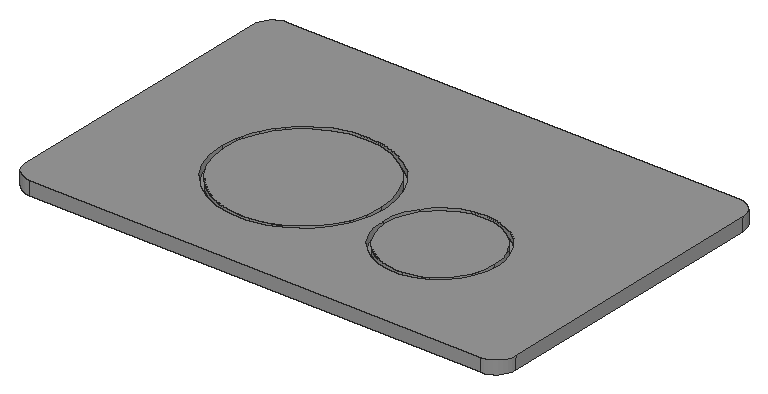
Revit family "ALMA-TBUTCIVB-Florian-Circle_Toilet_Flush_Plate_Button-Antique_Brass", category Plumbing Equipment, host Face, Revit 2026
Family settings
  Host = Face
  Round Connector Dimension = Use Diameter
  Classification = None
  Part Type = Normal
  Cut with Voids When Loaded = No
  Maintain Annotation Orientation = No
  Shared = No
  Room Calculation Point = No
Parameters
  Width = 162 mm
  Thickness = 6.5 mm
  Material = BM_ANTIQUE BRASS
  Length = 246 mm
  Default Elevation = 1219.2 mm
Reference planes
  plane 1 "Center (Front/Back)": y = 0
  plane 2: z = 0
  plane 3 "Center (Left/Right)": x = 0
  plane 4: x = -123
  plane 5: x = 123
  plane 6: y = 81
  plane 7: y = -81
  plane 8: x = -72
  plane 9: y = -53
  plane 10: y = -49
  plane 11: x = 73
  plane 12: z = 6.5
  plane 13: x = 10
  plane 14: x = 15
  plane 15: x = -70
  plane 16: x = 8
  plane 17: x = 17
  plane 18: x = 70.983
  plane 19: y = -50.995
  plane 20: y = -47
  plane 21: y = 7
  plane 22: y = 9
  plane 23: y = 26.982
  plane 24: y = 28.988
Forms (mm)
  Extrusion 1, solid, material "BM_ANTIQUE BRASS" <- "Material"
    sketch origin (0, 0, 0) x (1, 0, 0) y (0, 1, 0)
      loop
        arc (-113, 81) -> (-120.071, 78.071) -> (-123, 71) r 10
        line (-123, 71) -> (-123, -71)
        arc (-123, -71) -> (-120.071, -78.071) -> (-113, -81) r 10
        line (-113, -81) -> (113, -81)
        arc (113, -81) -> (120.071, -78.071) -> (123, -71) r 10
        line (123, -71) -> (123, 71)
        arc (123, 71) -> (120.071, 78.071) -> (113, 81) r 10
        line (113, 81) -> (-113, 81)
    from 0 to 6.5
  Extrusion 2, void
    sketch origin (0, 0, 0) x (1, 0, 0) y (0, 1, 0)
      loop
        circle (-31, -12) r 41
      loop
        circle (44, -20) r 29
    from 3 to 6.5
  Extrusion 3, solid, material "BM_ANTIQUE BRASS" <- "Material"
    sketch origin (0, 0, 0) x (1, 0, 0) y (0, 1, 0)
      loop
        circle (-31, -12.005) r 39
    from 3 to 6.5
  Extrusion 4, solid, material "BM_ANTIQUE BRASS" <- "Material"
    sketch origin (0, 0, 0) x (1, 0, 0) y (0, 1, 0)
      loop
        circle (44, -20) r 27
    from 3 to 6.5
Cuts and joins
  Extrusion 2 cuts Extrusion 1
Text (mm)
  text "Refer to www.buildmat.com.au for the most current product literature. \nAllow a +/- 5mm tolerance for dimensions shown in the product literature. \nPlease note product details are subject to change due to ongoing product development." at (1.508, -1260.312, 0), in view "Ref. Level"
Dimensions and locks
  "Width": plane 6 to plane 7
  equal spacing: plane 4, plane 3 "Center (Left/Right)", plane 5
  "Length": plane 4 to plane 5
  equal spacing: plane 6, plane 1 "Center (Front/Back)", plane 7
  "Thickness": plane 12 to host face
  aligned and locked: plane 2 to host face
  aligned and locked: level to host face
Automatic sketch dimensions
  host sketch curve to host sketch curve = 2438.4 mm  (x2)
  Extrusion 1 sketch curve to plane 4 = 0 mm
  plane 7 to Extrusion 1 sketch curve = 0 mm
  Extrusion 1 sketch curve to plane 6 = 0 mm
  Extrusion 1 sketch curve to plane 5 = 0 mm
  plane 4 to Extrusion 1 sketch curve = 10 mm  (x2)
  plane 5 to Extrusion 1 sketch curve = 10 mm  (x2)
  plane 1 "Center (Front/Back)" to Extrusion 2 sketch curve = 12 mm
  Extrusion 2 sketch curve to plane 3 "Center (Left/Right)" = 31 mm
  plane 11 to Extrusion 2 sketch curve = 29 mm
  plane 1 "Center (Front/Back)" to Extrusion 2 sketch curve = 20 mm
  plane 1 "Center (Front/Back)" to Extrusion 3 sketch curve = 12.005 mm
  Extrusion 3 sketch curve to plane 3 "Center (Left/Right)" = 31 mm
  plane 11 to Extrusion 4 sketch curve = 29 mm
  plane 1 "Center (Front/Back)" to Extrusion 4 sketch curve = 20 mm
  radius of Extrusion 2 sketch curve = 41 mm
  radius of Extrusion 2 sketch curve = 29 mm
  radius of Extrusion 3 sketch curve = 39 mm
  radius of Extrusion 4 sketch curve = 27 mm
